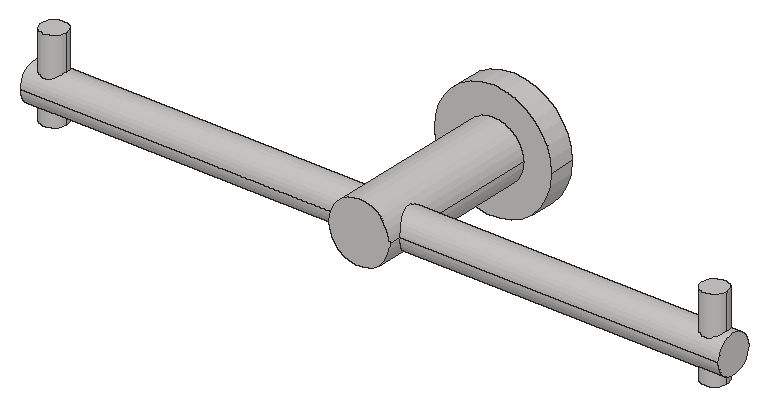
Revit family "Toilet Roll Dispenser_Metlam_Double_Bar", category Specialty Equipment, Revit 2016
Family settings
  Part Type = Normal
  Round Connector Dimension = Use Diameter
  OmniClass Number = 23.40.20.21.21
  OmniClass Title = Toilet Paper Dispensers
  Work Plane-Based = No
  Always vertical = Yes
  Cut with Voids When Loaded = No
  Shared = No
  Room Calculation Point = Yes
Parameters (values of type "279w x 77d x 47h (700_SS_2TRH)")
  URL = "http://www.metlam.com.au/"
  Type Comments = "Toilet Roll Dispensers"  # constant formula
  Model = "700_SS_2TRH"
  Material_ANZRS = z_Metlam_Metal_Stainless Steel_Satin
  Manufacturer_URL__Product Specific = "https://www.metlam.com.au/product/content/toilet-roll-dispensers/700_SS_2TRH"
  Manufacturer_Spec Code = Model  # "700_SS_2TRH"
  Manufacturer_Overall Width = 279 mm  # constant formula
  Manufacturer_Overall Height = 47 mm  # constant formula
  Manufacturer_Overall Depth = 77 mm  # constant formula
  Manufacturer_Height From FFL [instance] = 585 mm
  Manufacturer = "Metlam"  # constant formula
  Description = "Double Toilet Roll Holder"
  CreatedBy_ANZRS = "IGS BIM Solutions"  # constant formula
  CreatedByURL_ANZRS = "http://www.igsgroup.com.au/"
  Assembly Code = ""
Reference planes
  plane 1 "Back": y = 0
  plane 2 "Ref. Level": z = 0
  plane 3 "Centre (Left/Right)": x = 0
  plane 4 "Bottom": z = 561.5
  plane 5 "Right": x = 139.5
  plane 6 "Left": x = -139.5
  plane 7 "Front": y = -77
  plane 8 "Top": z = 608.5
  plane 9 "Centre (Elevation)": z = 585
  plane 10 "Bar_Centre (Front/Back)": y = -64.5
Forms (mm)
  Extrusion 1, solid, material "z_Metlam_Metal_Stainless Steel_Satin" <- "Material_ANZRS"
    sketch origin (0, 0, 0) x (1, 0, 0) y (0, 0, 1)
      loop
        circle (0, 585) r 23.5
    from 0 to 10
  Extrusion 2, solid, material "z_Metlam_Metal_Stainless Steel_Satin" <- "Material_ANZRS"
    sketch origin (0, 0, 0) x (1, 0, 0) y (0, 0, 1)
      loop
        circle (0, 585) r 12
    from 0 to 77
  Extrusion 3, solid, material "z_Metlam_Metal_Stainless Steel_Satin" <- "Material_ANZRS"
    sketch origin (0, 0, 0) x (0, 1, 0) y (0, 0, 1)
      loop
        circle (-64.5, 585) r 7.5
    from -139.5 to 139.5
  Extrusion 4, solid, material "z_Metlam_Metal_Stainless Steel_Satin" <- "Material_ANZRS"
    sketch origin (0, 0, 585) x (-1, 0, 0) y (0, -1, 0)
      loop
        circle (132, 64.5) r 5
    from -11.5 to 21.5
  Extrusion 5, solid, material "z_Metlam_Metal_Stainless Steel_Satin" <- "Material_ANZRS"
    sketch origin (0, 0, 585) x (1, 0, 0) y (0, 1, 0)
      loop
        circle (132, -64.5) r 5
    from -11.5 to 21.5
Cuts and joins
  joined: Extrusion 1, Extrusion 2, Extrusion 3, Extrusion 4, Extrusion 5
Lines and regions (mm)
  Masking region 1
    outline origin (0, 0, 585) x (-1, 0, 0) y (0, -1, 0)
      loop
        line (-23.5, 0) -> (23.5, 0) -> (23.5, 10) -> (12, 10) -> (12, 57) -> (139.5, 57) -> (139.5, 72) -> (12, 72) -> (12, 77) -> (-12, 77) -> (-12, 72) -> (-139.5, 72) -> (-139.5, 57) -> (-12, 57) -> (-12, 10) -> (-23.5, 10) -> (-23.5, 0)
  symbolic lines, style "Bathroom Fixtures", detail levels medium+fine
    curve 1: line (-12, -10, 585) -> (12, -10, 585)
    curve 2: line (-12, -57, 585) -> (-12, -72, 585)
    curve 3: line (12, -57, 585) -> (12, -72, 585)
    curve 4: circle (-132, -64.5, 585) r 5 normal (0, 0, 1)
    curve 5: circle (132, -64.5, 585) r 5 normal (0, 0, 1)
Text (mm)
  text "> Contact Manufacturer to confirm feasibility of design variations outside the scope of this Revit Family\n\n\n\nDisclaimer:\n\nDue to ongoing product development and manufacturing evolution, product details are subject to change without notice. Please refer to product technical data sheets on the manufacturer’s website for the most current product information. Please allow a +/- 5mm manufacturing tolerance for dimensions and set-outs shown in product literature." at (247.465, 104.37, 0), in view "Ref. Level_Instruction"
Dimensions and locks
  "Manufacturer_Height From FFL": plane 9 "Centre (Elevation)" to plane 2 "Ref. Level"
  "Manufacturer_Overall Depth": plane 7 "Front" to plane 1 "Back"
  "Manufacturer_Overall Width": plane 6 "Left" to plane 5 "Right"
  "Manufacturer_Overall Height": plane 8 "Top" to plane 4 "Bottom"
  equal spacing: plane 8 "Top", plane 9 "Centre (Elevation)", plane 4 "Bottom"
  locked: plane 6 "Left" to Extrusion 4 sketch curve at 7.5
  equal spacing: plane 6 "Left", plane 3 "Centre (Left/Right)", plane 5 "Right"
  locked: Extrusion 5 sketch curve to plane 5 "Right" at 7.5
  aligned and locked: level to plane 2 "Ref. Level"
  aligned and locked: plane 9 "Centre (Elevation)" to Extrusion 1 sketch curve
  aligned and locked: plane 3 "Centre (Left/Right)" to Extrusion 1 sketch curve
  aligned and locked: plane 3 "Centre (Left/Right)" to Extrusion 2 sketch curve
  aligned and locked: plane 9 "Centre (Elevation)" to Extrusion 2 sketch curve
  aligned and locked: cut or joined group of Extrusion 1, Extrusion 2, Extrusion 3, Extrusion 4, Extrusion 5 to plane 7 "Front"
  aligned and locked: plane 10 "Bar_Centre (Front/Back)" to Extrusion 3 sketch curve
  aligned and locked: plane 9 "Centre (Elevation)" to Extrusion 3 sketch curve
  aligned and locked: plane 6 "Left" to Extrusion 3
  aligned and locked: Extrusion 3 to plane 5 "Right"
  aligned and locked: plane 10 "Bar_Centre (Front/Back)" to Extrusion 4 sketch curve
Automatic sketch dimensions
  Extrusion 5 sketch curve to plane 10 "Bar_Centre (Front/Back)" = 0 mm
  Masking region 1 sketch curve to plane 5 "Right" = 0 mm
  plane 1 "Back" to Masking region 1 sketch curve = 0 mm
  Masking region 1 sketch curve to plane 7 "Front" = 0 mm
  Masking region 1 sketch curve to plane 6 "Left" = 0 mm
  plane 1 "Back" to Masking region 1 sketch curve = 10 mm  (x2)
  plane 3 "Centre (Left/Right)" to Masking region 1 sketch curve = 23.5 mm
  plane 3 "Centre (Left/Right)" to Masking region 1 sketch curve = 12 mm  (x2)
  Masking region 1 sketch curve to plane 3 "Centre (Left/Right)" = 12 mm  (x2)
  plane 10 "Bar_Centre (Front/Back)" to Masking region 1 sketch curve = 7.5 mm  (x2)
  plane 7 "Front" to Masking region 1 sketch curve = 5 mm  (x2)
  Masking region 1 sketch curve to Masking region 1 sketch curve = 11.5 mm
  curve 5 to plane 10 "Bar_Centre (Front/Back)" = 0 mm
  curve 4 to plane 10 "Bar_Centre (Front/Back)" = 0 mm
  plane 5 "Right" to curve 5 = 7.5 mm
  curve 4 to plane 6 "Left" = 7.5 mm
  plane 7 "Front" to curve 3 = 5 mm
  plane 3 "Centre (Left/Right)" to curve 3 = 12 mm
  plane 3 "Centre (Left/Right)" to curve 1 = 12 mm
  plane 7 "Front" to curve 2 = 5 mm
  curve 2 to plane 3 "Centre (Left/Right)" = 12 mm
  curve 1 to plane 3 "Centre (Left/Right)" = 12 mm
  plane 10 "Bar_Centre (Front/Back)" to curve 2 = 7.5 mm
  plane 10 "Bar_Centre (Front/Back)" to curve 3 = 7.5 mm
  plane 1 "Back" to curve 1 = 10 mm
  radius of Extrusion 1 sketch curve = 23.5 mm
  radius of Extrusion 2 sketch curve = 12 mm
  radius of Extrusion 3 sketch curve = 7.5 mm
  radius of Extrusion 4 sketch curve = 5 mm
  radius of Extrusion 5 sketch curve = 5 mm
  radius of curve 4 = 5 mm
  radius of curve 5 = 5 mm
